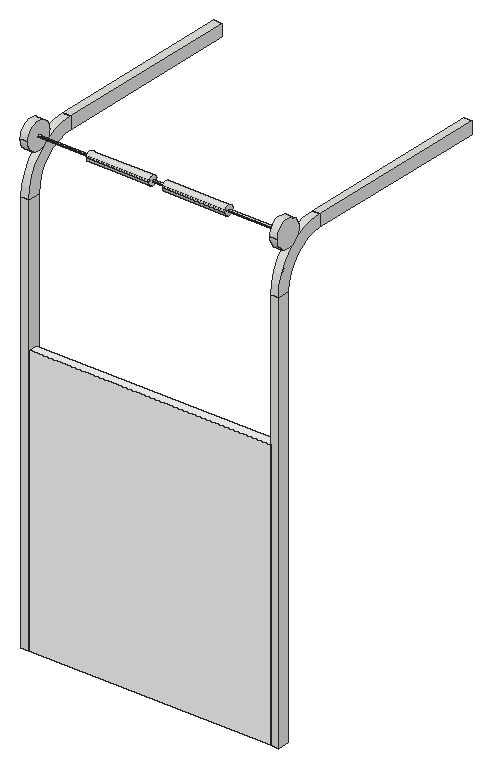
Revit family "VC-HL", category Generic Models, host Wall, Revit 2026
Family settings
  Host = Wall
  Can host rebar = No
  Round Connector Dimension = Use Diameter
  Part Type = Normal
  Always vertical = Yes
  Cut with Voids When Loaded = Yes
  Maintain Annotation Orientation = No
  Shared = No
  Room Calculation Point = No
Parameters (values of type "9' x 10'")
  VerticalTrack [instance] = 15' - 0 1/2"
  Type Comments = "Insulated"  # constant formula
  TrackWidth = 0' - 3 1/2"
  TrackHeight = OpeningHeight + HeadRoom  # 15' - 0 1/2"
  TrackDepth = 0' - 5 3/8"  # constant formula
  Track Style = "High Lift"  # constant formula
  PitTrackCutW = 1' - 0"
  PitTrackCutL = 1' - 0"
  PanelSize = 4' - 0"  # constant formula
  OpeningWidth = 9' - 0"
  OpeningHeight = 10' - 0 1/2"
  Model = "Verticool"  # constant formula
  Manufacturer = "TKO"  # constant formula
  HorizTrack = OpeningHeight - HeadRoom + 2' 0"  # 7' - 0 1/2"
  HeadRoom = 5' - 0"  # constant formula
  DoorThk = 0' - 4"  # constant formula
  Description = "Sectional Door"  # constant formula
  Default Elevation = 0' - 0"
  BelowFinFloor = 1' - 0 1/2"
Types (10): name | VerticalTrack | TrackHeight | OpeningWidth | OpeningHeight | HorizTrack
  (no name) | 15' - 0 1/2" | 15' - 0 1/2" | 9' - 0" | 10' - 0 1/2" | 7' - 0 1/2"
  8' x 10' | 13' - 0 1/2" | 15' - 0 1/2" | 8' - 0" | 10' - 0 1/2" | 7' - 0 1/2"
  9' x 10' | 15' - 0 1/2" | 15' - 0 1/2" | 9' - 0" | 10' - 0 1/2" | 7' - 0 1/2"
  10' x 10' | 14' - 0 1/2" | 15' - 0 1/2" | 10' - 0" | 10' - 0 1/2" | 7' - 0 1/2"
  10' x 11' | 14' - 0 1/2" | 16' - 0 1/2" | 10' - 0" | 11' - 0 1/2" | 8' - 0 1/2"
  9' x 11' | 14' - 0 1/2" | 16' - 0 1/2" | 9' - 0" | 11' - 0 1/2" | 8' - 0 1/2"
  8' x 11' | 14' - 0 1/2" | 16' - 0 1/2" | 8' - 0" | 11' - 0 1/2" | 8' - 0 1/2"
  9' x 12' | 15' - 0 1/2" | 17' - 0 1/2" | 9' - 0" | 12' - 0 1/2" | 9' - 0 1/2"
  8' x 12' | 15' - 0 1/2" | 17' - 0 1/2" | 8' - 0" | 12' - 0 1/2" | 9' - 0 1/2"
  10' x 12' | 15' - 0 1/2" | 17' - 0 1/2" | 10' - 0" | 12' - 0 1/2" | 9' - 0 1/2"
Reference planes (in)
  plane 1: y = 0
  plane 2 "Center (Left/Right)": x = 0
  plane 3 "Wall Edge": y = 3
  plane 4: x = -54
  plane 5: x = 54
  plane 6 "Bottom Of Door": z = -12.5
  plane 7: z = 108
  plane 8: y = 15
  plane 9: x = 66
  plane 10: x = -66
  plane 11: y = 3
  plane 12: y = 7
  plane 13: z = 35.5
  plane 14: z = 83.5
  plane 15: z = 131.5
  plane 16: x = -57.5
  plane 17: x = 57.5
  plane 18: y = 8.375
  plane 19: z = 168
  plane 20: z = 186
  plane 21: y = 26.375
  plane 22: z = 191.375
  plane 23: y = 110.875
  plane 24: x = -31
  plane 25: x = -3
  plane 26: x = 3
  plane 27: x = 31
Forms (in)
  Extrusion 1, void
    sketch origin (0, 3, 0) x (1, 0, 0) y (0, 0, 1)
      loop
        line (54, 108) -> (-54, 108) -> (-54, -12.5) -> (54, -12.5) -> (54, 108)
    from 0 to 6
  Extrusion 2, void
    sketch origin (0, 0, 0) x (1, 0, 0) y (0, 1, 0)
      loop
        line (-66, 15) -> (-66, 3) -> (-54, 3) -> (-54, -3) -> (54, -3) -> (54, 3) -> (66, 3) -> (66, 15) -> (-66, 15)
    from -12.5 to 0
  Extrusion 3, solid, material "DOOR PANEL"
    sketch origin (0, 0, 0) x (1, 0, 0) y (0, 1, 0)
      loop
        line (-54, 7) -> (-54, 3) -> (54, 3) -> (54, 7) -> (-54, 7)
    from -12.5 to 108
  Extrusion 4, solid, material "Steel"
    sketch origin (0, 0, 0) x (1, 0, 0) y (0, 1, 0)
      loop
        line (-57.5, 8.375) -> (-57.5, 3) -> (-54, 3) -> (-54, 8.375) -> (-57.5, 8.375)
      loop
        line (54, 8.375) -> (54, 3) -> (57.5, 3) -> (57.5, 8.375) -> (54, 8.375)
    from -12.5 to 168
  Extrusion 5, solid, material "Steel"
    sketch origin (0, 0, 0) x (0, 1, 0) y (0, 0, 1)
      loop
        arc (8.375, 168) -> (13.64708, 180.72792) -> (26.375, 186) r 18
        line (26.375, 186) -> (26.375, 191.375)
        arc (26.375, 191.375) -> (9.84638, 184.52862) -> (3, 168) r 23.375
        line (3, 168) -> (8.375, 168)
    from 54 to 57.5
  Extrusion 6, solid, material "Steel"
    sketch origin (0, 0, 0) x (0, 1, 0) y (0, 0, 1)
      loop
        arc (8.375, 168) -> (13.64708, 180.72792) -> (26.375, 186) r 18
        line (26.375, 186) -> (26.375, 191.375)
        arc (26.375, 191.375) -> (9.84638, 184.52862) -> (3, 168) r 23.375
        line (3, 168) -> (8.375, 168)
    from -57.5 to -54
  Extrusion 7, solid, material "Steel"
    sketch origin (0, 3, 0) x (1, 0, 0) y (0, 0, 1)
      loop
        line (57.5, 191.375) -> (54, 191.375) -> (54, 186) -> (57.5, 186) -> (57.5, 191.375)
      loop
        line (-54, 191.375) -> (-57.5, 191.375) -> (-57.5, 186) -> (-54, 186) -> (-54, 191.375)
    from -107.875 to -23.375
  Extrusion 8, solid, material "Steel"
    sketch origin (0, 0, 0) x (0, 1, 0) y (0, 0, 1)
      loop
        circle (8.375, 191.375) r 6
    from -57.5 to -54
  Extrusion 9, solid, material "Steel"
    sketch origin (0, 0, 0) x (0, 1, 0) y (0, 0, 1)
      loop
        circle (8.375, 191.375) r 6
    from 54 to 57.5
  Extrusion 10, solid, material "Steel"
    sketch origin (0, 0, 0) x (0, 1, 0) y (0, 0, 1)
      loop
        circle (8.375, 191.375) r 0.5
    from -54 to 54
  Extrusion 11, solid, material "Steel"
    sketch origin (0, 0, 0) x (0, 1, 0) y (0, 0, 1)
      loop
        circle (8.375, 191.375) r 2
    from 3 to 31
  Extrusion 12, solid, material "Steel"
    sketch origin (-0.5, 0, 27.94939) x (0, 1, 0) y (0, 0, -1)
      loop
        circle (8.375, -163.42561) r 2
    from 2.5 to 30.5
Lines and regions (in)
  model lines
    curve 1: line (54, 3, 35.5) -> (-54, 3, 35.5)
    curve 2: line (-54, 3, 83.5) -> (54, 3, 83.5)
    curve 3: line (54, 3, 131.5) -> (-54, 3, 131.5)
Text (in)
  text "Placement Side" at (0, 240.99209, 123.01588), in view "Right"
  text "Placement Side" at (-70.3804, 83.26548, 0), in view "Ref. Level"
  text "Placement Side" at (0, 81.62555, 140.59947), in view "Left"
Dimensions and locks (in)
  locked: plane 3 "Wall Edge" to host wall
  equal spacing: plane 5, plane 2 "Center (Left/Right)", plane 4
  "OpeningWidth": plane 5 to plane 4
  "BelowFinFloor": plane 6 "Bottom Of Door" to level
  "OpeningHeight": plane 6 "Bottom Of Door" to plane 7
  "PitTrackCutW": plane 5 to plane 9
  "PitTrackCutW": plane 10 to plane 4
  "PitTrackCutL": plane 11 to plane 8
  "DoorThk": plane 11 to plane 12
  "PanelSize": plane 13 to plane 6 "Bottom Of Door"
  equal spacing: plane 15, plane 14, plane 13, plane 6 "Bottom Of Door"
  host wall to Extrusion 3 = 0' - 7"
  "TrackDepth": plane 18 to plane 11
  "TrackWidth": plane 16 to plane 4
  "TrackWidth": plane 5 to plane 17
  locked: plane 20 to plane 19 at 18
  locked: plane 21 to Extrusion 4 at 18
  "TrackDepth": plane 22 to plane 20
  "HeadRoom": plane 7 to plane 19
  "VerticalTrack": plane 19 to plane 6 "Bottom Of Door"
  "HorizTrack": plane 21 to plane 23
  locked: plane 24 to plane 25 at 28
  locked: plane 26 to plane 27 at 28
  equal spacing: plane 25, plane 2 "Center (Left/Right)", plane 26, locked at 3 each
  radius of Extrusion 5 sketch curve = 1' - 6"
  radius of Extrusion 6 sketch curve = 1' - 6"
  radius of Extrusion 8 sketch curve = 0' - 6"
  radius of Extrusion 9 sketch curve = 0' - 6"
  radius of Extrusion 10 sketch curve = 0' - 0 1/2"
  radius of Extrusion 11 sketch curve = 0' - 2"
  radius of Extrusion 12 sketch curve = 0' - 2"
  aligned and locked: host wall to plane 11
  aligned and locked: Extrusion 1 sketch curve to plane 5
  aligned and locked: Extrusion 1 sketch curve to plane 6 "Bottom Of Door"
  aligned and locked: Extrusion 1 sketch curve to plane 4
  aligned and locked: Extrusion 1 to plane 11
  aligned and locked: host wall to Extrusion 1
  aligned and locked: Extrusion 2 sketch curve to plane 8
  aligned and locked: plane 10 to Extrusion 2 sketch curve
  aligned and locked: Extrusion 2 sketch curve to plane 11  (x2)
  aligned and locked: Extrusion 2 sketch curve to plane 9
  aligned and locked: Extrusion 2 to plane 6 "Bottom Of Door"
  aligned and locked: level to Extrusion 2
  aligned and locked: Extrusion 2 sketch curve to plane 5
  aligned and locked: plane 4 to Extrusion 2 sketch curve
  aligned and locked: Extrusion 2 sketch curve to host wall
  aligned and locked: Extrusion 3 to plane 3 "Wall Edge"
  aligned and locked: plane 12 to Extrusion 3
  aligned and locked: Extrusion 3 to plane 7
  aligned and locked: Extrusion 3 to plane 6 "Bottom Of Door"
  aligned and locked: Extrusion 4 sketch curve to plane 18  (x2)
  aligned and locked: Extrusion 4 sketch curve to plane 16
  aligned and locked: curve 1 to Extrusion 4 sketch curve
  aligned and locked: Extrusion 4 sketch curve to Extrusion 2
  aligned and locked: plane 5 to Extrusion 4 sketch curve
  aligned and locked: Extrusion 4 sketch curve to plane 11
  aligned and locked: Extrusion 4 sketch curve to plane 17
  aligned and locked: Extrusion 4 to plane 6 "Bottom Of Door"
  aligned and locked: plane 19 to Extrusion 4
  aligned and locked: curve 2 to plane 14
  aligned and locked: curve 3 to plane 15
  aligned and locked: curve 1 to plane 13
  aligned and locked: plane 19 to Extrusion 5 sketch curve  (x2)
  aligned and locked: plane 22 to Extrusion 5 sketch curve
  aligned and locked: Extrusion 5 sketch curve to plane 21
  aligned and locked: Extrusion 5 to plane 17
  aligned and locked: plane 5 to Extrusion 5
  aligned and locked: Extrusion 6 sketch curve to plane 11
  aligned and locked: Extrusion 6 sketch curve to Extrusion 5
  aligned and locked: Extrusion 6 sketch curve to Extrusion 4
  aligned and locked: plane 16 to Extrusion 6
  aligned and locked: Extrusion 6 to plane 4
  aligned and locked: plane 17 to Extrusion 7 sketch curve
  aligned and locked: plane 20 to Extrusion 7 sketch curve
  aligned and locked: Extrusion 7 sketch curve to plane 22
  aligned and locked: Extrusion 7 sketch curve to plane 5
  aligned and locked: Extrusion 7 sketch curve to Extrusion 6  (x2)
  aligned and locked: Extrusion 6 to Extrusion 7 sketch curve
  aligned and locked: Extrusion 7 sketch curve to plane 20
  aligned and locked: Extrusion 7 to plane 21
  aligned and locked: plane 23 to Extrusion 7
  aligned and locked: plane 22 to Extrusion 8 sketch curve
  aligned and locked: Extrusion 4 to Extrusion 8 sketch curve
  aligned and locked: Extrusion 9 sketch curve to Extrusion 4
  aligned and locked: Extrusion 9 sketch curve to plane 22
  aligned and locked: plane 17 to Extrusion 9
  aligned and locked: Extrusion 9 to plane 5
  aligned and locked: Extrusion 8 to plane 16
  aligned and locked: plane 4 to Extrusion 8
  aligned and locked: plane 22 to Extrusion 10 sketch curve
  aligned and locked: Extrusion 4 to Extrusion 10 sketch curve
  aligned and locked: Extrusion 10 to plane 4
  aligned and locked: plane 5 to Extrusion 10
  aligned and locked: plane 22 to Extrusion 11 sketch curve
  aligned and locked: Extrusion 4 to Extrusion 11 sketch curve
  aligned and locked: Extrusion 11 to plane 26
  aligned and locked: plane 27 to Extrusion 11
  aligned and locked: Extrusion 12 to plane 24
  aligned and locked: plane 25 to Extrusion 12
  aligned and locked: plane 22 to Extrusion 12 sketch curve
  aligned and locked: Extrusion 4 to Extrusion 12 sketch curve
Automatic sketch dimensions
  Extrusion 1 sketch curve to plane 7 = 0' - 0"
  Extrusion 3 sketch curve to host wall = 0' - 0"
  Extrusion 3 sketch curve to plane 4 = 0' - 0"
  Extrusion 3 sketch curve to plane 5 = 0' - 0"
  Extrusion 3 sketch curve to plane 12 = 0' - 0"
  curve 1 to plane 4 = 0' - 0"
  curve 2 to plane 4 = 0' - 0"
  curve 3 to plane 4 = 0' - 0"
  curve 3 to plane 5 = 0' - 0"
  curve 2 to plane 5 = 0' - 0"
  curve 1 to plane 5 = 0' - 0"
  Extrusion 4 sketch curve to plane 17 = 0' - 0"
